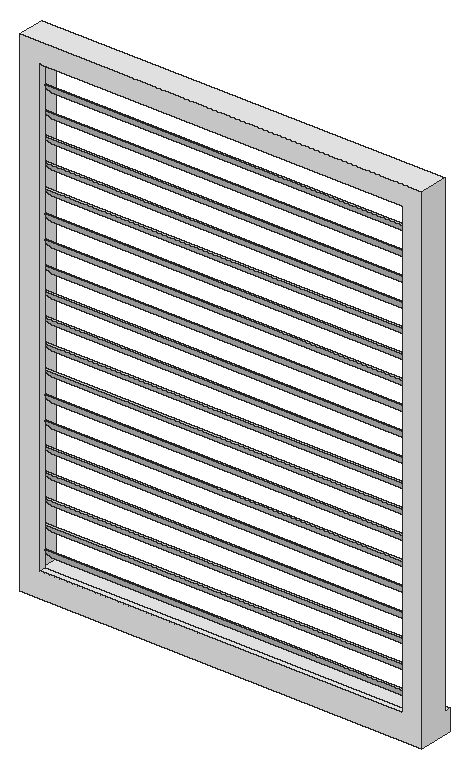
Revit family
Parameters (values of type "Louvre")
  Wrap Layers (Int) from Ext = 177.5 mm
  Wrap Layers (Ext) from Ext = 102.5 mm
  Vis - Cavity Closers = no
  Rough Width = Width  # 1210.0 mm
  Rough Height = Height  # 1500.0 mm
  Operation = "SinglePanel"
  No of Louvre Blades = 20
  Material Louvres = Window Louvres
  Material Frame = Window Frame
  Manufacturer = "Revit"
  Louvre Blade Width = 50.0 mm
  Keynote = "L10"
  Height = 1500.0 mm
  Wall Closure = (empty or 0)
  Width = 1210.0 mm
  FrameOffset - External = 0.0 mm
  Frame Width = 40.0 mm
  Frame Depth = 65.0 mm
  Default Head Height = 2110.0 mm
  DONT CHANGE Louvre Length = Width - (2 * Frame Width)  # 1130.0 mm
  Cill Depth = 20.0 mm
  Cavity Closer Width = 50.0 mm
  Cavity Closer Offset from Ext = 102.5 mm
  Cavity Closer Depth = 85.0 mm
  Assembly Code = ""
Reference planes
  plane 1: y = 0
  plane 2 "Center (Left/Right)": x = -290
  plane 3 "Left": x = -895
  plane 4 "Right": x = 315
  plane 5 "Cill": z = 610
  plane 6 "Head": z = 2110
  plane 7 "Exterior": y = 158.457
  plane 8 "Interior": y = -141.543
  plane 9 "Back of Window": y = 93.457
  plane 10 "Wall Closure": y = 55.957
  plane 11 "Front Cill": y = 178.457
  plane 12 "Ext Leaf Back": y = 55.957
  plane 13 "Face Window": y = 158.457
  plane 14: y = -19.043
Forms (mm)
  Extrusion 1, solid, material "Window Frame" <- "Material Frame"
    sketch origin (-290, 0, 0) x (0, 1, 0) y (0, 0, 1)
      loop
        line (75.457, 610) -> (178.457, 610) -> (178.457, 673) -> (93.457, 673) -> (93.457, 685) -> (75.457, 685) -> (75.457, 610)
    from 605 to -605
  Sweep 2, solid, material "Window Frame" <- "Material Frame"
    path origin (0, 93.457, 0) x (1, 0, 0) y (0, 0, 1)
      loop
        line (-895, 673) -> (-895, 2110) -> (315, 2110) -> (315, 673)
    profile origin (0, 0, 1391.5) x (-1, 0, 0) y (0, -1, 0)
      loop
        line (895, -75.457) -> (835, -75.457) -> (835, -93.457) -> (855, -93.457) -> (855, -158.457) -> (895, -158.457) -> (895, -75.457)
Cuts and joins
  joined: Extrusion 1, Sweep 2
Lines and regions (mm)
  Opening 1
    outline origin (-5000, -141.543, 0) x (1, 0, 0) y (0, 0, 1)
      loop
        line (5315, 2110) -> (4105, 2110) -> (4105, 610) -> (5315, 610) -> (5315, 2110)
  symbolic lines, style "Windows"
    curve 1: line (-895, 75.457, 0) -> (315, 75.457, 0)
    curve 2: line (-895, 158.457, 0) -> (-895, 75.457, 0)
    curve 3: line (315, 158.457, 0) -> (-895, 158.457, 0)
    curve 4: line (315, 75.457, 0) -> (315, 158.457, 0)
    curve 5: line (-855, 75.457, 0) -> (-855, 158.457, 0)
    curve 6: line (275, 75.457, 0) -> (275, 158.457, 0)
  symbolic lines, style "Cavity Closer", visible <- "Vis - Cavity Closers", detail levels medium+fine
    curve 7: line (-895, 55.957, 0) -> (-945, 55.957, 0)
    curve 8: line (-895, -29.043, 0) -> (-895, 55.957, 0)
    curve 9: line (-945, -29.043, 0) -> (-895, -29.043, 0)
    curve 10: line (-945, 55.957, 0) -> (-945, -29.043, 0)
    curve 11: line (-895, -29.043, 0) -> (-945, 55.957, 0)
    curve 12: line (-945, -29.043, 0) -> (-895, 55.957, 0)
    curve 13: line (315, 55.957, 0) -> (365, 55.957, 0)
    curve 14: line (315, -29.043, 0) -> (315, 55.957, 0)
    curve 15: line (365, -29.043, 0) -> (315, -29.043, 0)
    curve 16: line (365, 55.957, 0) -> (365, -29.043, 0)
    curve 17: line (315, -29.043, 0) -> (365, 55.957, 0)
    curve 18: line (365, -29.043, 0) -> (315, 55.957, 0)
  symbolic lines, style "WindowsSillHeadProjection"
    curve 19: line (-895, 178.457, 0) -> (-895, 159.707, 0)
    curve 20: line (315, 159.707, 0) -> (315, 178.457, 0)
  symbolic lines
    curve 21: line (-855, 130.79, 0) -> (275, 130.79, 0)
    curve 22: line (275, 103.123, 0) -> (-855, 103.123, 0)
Text (mm)
  text "EXTERIOR" at (-1415.209, 454.062, 0), in view "Ref. Level"
  text "INTERIOR" at (-1415.209, -367.981, 0), in view "Ref. Level"
  text "Exterior" at (0, 923.751, 2943.296), in view "Right"
  text "Exterior" at (0, 1040.484, 2685.409), in view "Left"
Dimensions and locks
  equal spacing: plane 3 "Left", plane 2 "Center (Left/Right)", plane 4 "Right"
  "Width": plane 3 "Left" to plane 4 "Right"
  "Height": plane 5 "Cill" to plane 6 "Head"
  "Default Head Height": plane 6 "Head" to level
  locked: plane 7 "Exterior" to host wall at 0
  locked: plane 8 "Interior" to host wall
  "Cavity Closer Offset from Ext": plane 12 "Ext Leaf Back" to plane 7 "Exterior"
  "Frame Depth": plane 9 "Back of Window" to plane 13 "Face Window"
  "FrameOffset - External": plane 13 "Face Window" to plane 7 "Exterior"
  locked: Extrusion 1 sketch curve to Extrusion 1 sketch curve at 18
  "Cavity Closer Depth": curve 7 to curve 9
  "Cavity Closer Width": curve 10 to plane 3 "Left"
  "Cavity Closer Depth": curve 13 to curve 15
  "Cavity Closer Width": plane 4 "Right" to curve 16
  "Cill Depth": plane 13 "Face Window" to plane 11 "Front Cill"
  "Wrap Layers (Ext) from Ext": plane 10 "Wall Closure" to plane 7 "Exterior"
  curve 1 to plane 13 "Face Window" = 83.0 mm
  "Frame Width": plane 3 "Left" to Sweep 2 sketch curve
  Sweep 2 sketch curve to Sweep 2 sketch curve = 20.0 mm
  locked: nested 3 to cut or joined group of Extrusion 1, Sweep 2 at 10
  equal spacing: group 1, group 3, group 4, group 5, group 6, group 7, group 8, group 9, group 10, group 11, group 12, group 13, group 14, group 15, group 16, group 17, group 18, group 19, group 20, group 2  (x3)
  locked: nested 4 to cut or joined group of Extrusion 1, Sweep 2 at 10
  equal spacing: curve 3, curve 21, curve 22, curve 1
  "Wrap Layers (Int) from Ext": plane 14 to plane 7 "Exterior"
  aligned and locked: plane 9 "Back of Window" to Extrusion 1 sketch curve
  aligned and locked: plane 11 "Front Cill" to Extrusion 1 sketch curve
  aligned and locked: Extrusion 1 sketch curve to plane 5 "Cill"
  aligned and locked: plane 3 "Left" to Extrusion 1
  aligned and locked: Extrusion 1 to plane 4 "Right"
  aligned and locked: plane 13 "Face Window" to Sweep 2 sketch curve
  aligned and locked: plane 3 "Left" to nested 1
  aligned and locked: curve 8 to plane 3 "Left"
  aligned and locked: plane 4 "Right" to nested 2
  aligned and locked: curve 14 to plane 4 "Right"
  aligned and locked: curve 19 to cut or joined group of Extrusion 1, Sweep 2
  aligned and locked: cut or joined group of Extrusion 1, Sweep 2 to curve 20
  aligned and locked: nested 3 to cut or joined group of Extrusion 1, Sweep 2
  aligned and locked: plane 9 "Back of Window" to nested 3
  aligned and locked: plane 9 "Back of Window" to nested 4
  aligned and locked: cut or joined group of Extrusion 1, Sweep 2 to nested 4
  aligned and locked: curve 5 to cut or joined group of Extrusion 1, Sweep 2
  aligned and locked: curve 6 to cut or joined group of Extrusion 1, Sweep 2
  aligned and locked: nested 2 to plane 12 "Ext Leaf Back"
  aligned and locked: plane 12 "Ext Leaf Back" to curve 13
  aligned and locked: nested 1 to plane 12 "Ext Leaf Back"
  aligned and locked: plane 12 "Ext Leaf Back" to curve 7
Automatic sketch dimensions
  Extrusion 1 sketch curve to Extrusion 1 sketch curve = 12.0 mm
  Sweep 2 sketch curve to plane 3 "Left" = 0.0 mm
  Sweep 2 sketch curve to plane 4 "Right" = 0.0 mm
  Sweep 2 sketch curve to plane 6 "Head" = 0.0 mm
  Sweep 2 sketch curve to plane 5 "Cill" = 63.0 mm  (x2)
  Sweep 2 sketch curve to profile plane = 0.0 mm
  plane 9 "Back of Window" to Sweep 2 sketch curve = 18.0 mm
  Sweep 2 sketch curve to plane 9 "Back of Window" = 0.0 mm
  curve 3 to plane 3 "Left" = 0.0 mm
  curve 4 to plane 4 "Right" = 0.0 mm
  curve 3 to plane 13 "Face Window" = 0.0 mm
  host wall to curve 19 = 1.25 mm
  host wall to curve 20 = 1.25 mm
  Extrusion 1 sketch curve to plane 5 "Cill" = 63.0 mm
  curve 20 to plane 11 "Front Cill" = 0.0 mm
  curve 19 to plane 11 "Front Cill" = 0.0 mm
  curve 22 to plane 3 "Left" = 40.0 mm
  curve 21 to curve 22 = 0.0 mm  (x2)
  plane 4 "Right" to curve 22 = 40.0 mm
  Opening 1 sketch curve to plane 3 "Left" = 0.0 mm
  Opening 1 sketch curve to plane 4 "Right" = 0.0 mm
  Opening 1 sketch curve to plane 5 "Cill" = 0.0 mm
  Opening 1 sketch curve to plane 6 "Head" = 0.0 mm
Nested families
  nested 1: "Cavity Closer" at (-945, 55.957, 0), visible <- "Vis - Cavity Closers", type "Cavity Closer", detail levels medium+fine
    with Closer Depth 85.0 mm
  nested 2: "Cavity Closer" at (365, 55.957, 0) x (-1, 0, 0) z (0, 0, 1), visible <- "Vis - Cavity Closers", type "Cavity Closer", detail levels medium+fine
    with Closer Depth 85.0 mm
  nested 3: "Plain Louvre Blade" at (-317.169, 118.92, 712.243), type "Louvre Blade"
    with Length 1130.0 mm, Blade Width 50.0 mm
  nested 4: "Plain Louvre Blade" at (-317.169, 118.92, 2035), type "Louvre Blade"
    with Length 1130.0 mm, Blade Width 50.0 mm
  nested 5: "Plain Louvre Blade" at (-317.169, 118.92, 781.861), type "Louvre Blade"
    with Length 1130.0 mm, Blade Width 50.0 mm
  nested 6: "Plain Louvre Blade" at (-317.169, 118.92, 851.48), type "Louvre Blade"
    with Length 1130.0 mm, Blade Width 50.0 mm
  nested 7: "Plain Louvre Blade" at (-317.169, 118.92, 921.099), type "Louvre Blade"
    with Length 1130.0 mm, Blade Width 50.0 mm
  nested 8: "Plain Louvre Blade" at (-317.169, 118.92, 990.718), type "Louvre Blade"
    with Length 1130.0 mm, Blade Width 50.0 mm
  nested 9: "Plain Louvre Blade" at (-317.169, 118.92, 1060.337), type "Louvre Blade"
    with Length 1130.0 mm, Blade Width 50.0 mm
  nested 10: "Plain Louvre Blade" at (-317.169, 118.92, 1129.955), type "Louvre Blade"
    with Length 1130.0 mm, Blade Width 50.0 mm
  nested 11: "Plain Louvre Blade" at (-317.169, 118.92, 1199.574), type "Louvre Blade"
    with Length 1130.0 mm, Blade Width 50.0 mm
  nested 12: "Plain Louvre Blade" at (-317.169, 118.92, 1269.193), type "Louvre Blade"
    with Length 1130.0 mm, Blade Width 50.0 mm
  nested 13: "Plain Louvre Blade" at (-317.169, 118.92, 1338.812), type "Louvre Blade"
    with Length 1130.0 mm, Blade Width 50.0 mm
  nested 14: "Plain Louvre Blade" at (-317.169, 118.92, 1408.431), type "Louvre Blade"
    with Length 1130.0 mm, Blade Width 50.0 mm
  nested 15: "Plain Louvre Blade" at (-317.169, 118.92, 1478.05), type "Louvre Blade"
    with Length 1130.0 mm, Blade Width 50.0 mm
  nested 16: "Plain Louvre Blade" at (-317.169, 118.92, 1547.668), type "Louvre Blade"
    with Length 1130.0 mm, Blade Width 50.0 mm
  nested 17: "Plain Louvre Blade" at (-317.169, 118.92, 1617.287), type "Louvre Blade"
    with Length 1130.0 mm, Blade Width 50.0 mm
  nested 18: "Plain Louvre Blade" at (-317.169, 118.92, 1686.906), type "Louvre Blade"
    with Length 1130.0 mm, Blade Width 50.0 mm
  nested 19: "Plain Louvre Blade" at (-317.169, 118.92, 1756.525), type "Louvre Blade"
    with Length 1130.0 mm, Blade Width 50.0 mm
  nested 20: "Plain Louvre Blade" at (-317.169, 118.92, 1826.144), type "Louvre Blade"
    with Length 1130.0 mm, Blade Width 50.0 mm
  nested 21: "Plain Louvre Blade" at (-317.169, 118.92, 1895.762), type "Louvre Blade"
    with Length 1130.0 mm, Blade Width 50.0 mm
  nested 22: "Plain Louvre Blade" at (-317.169, 118.92, 1965.381), type "Louvre Blade"
    with Length 1130.0 mm, Blade Width 50.0 mm
Definition of nested family "Plain Louvre Blade"
  Parameters (values of type "Louvre Blade")
    Material Blade = none
    Length = 1200.0 mm
    Blade Width = 100.0 mm
    Assembly Code = ""
  Reference planes
    plane 1 "Center (Front/Back)": y = -0.463
    plane 2: z = 0
    plane 3 "Center (Left/Right)": x = 27.169
    plane 4: x = -572.831
    plane 5: x = 627.169
    plane 6: y = -50.463
    plane 7: y = 49.537
    plane 8: z = 50
    plane 9: z = -50
  Forms (mm)
    Extrusion 1, solid, material <- "Material Blade"
      sketch origin (27.169, 0, 0) x (0, 1, 0) y (0, 0, 1)
        loop
          line (-50.463, 50) -> (-50.463, 45.757) -> (49.537, -54.243) -> (49.537, -50) -> (-50.463, 50)
      from -600 to 600
  Dimensions and locks
    equal spacing: plane 4, plane 3 "Center (Left/Right)", plane 5
    "Length": plane 4 to plane 5
    equal spacing: plane 6, plane 1 "Center (Front/Back)", plane 7
    "Blade Width": plane 6 to plane 7
    "Blade Width": plane 9 to plane 8
    equal spacing: plane 9, plane 2, plane 8
    aligned and locked: Extrusion 1 to plane 5
    aligned and locked: plane 4 to Extrusion 1
    aligned and locked: plane 6 to Extrusion 1 sketch curve
  Automatic sketch dimensions
    Extrusion 1 sketch curve to plane 7 = 0.0 mm
    Extrusion 1 sketch curve to plane 9 = 0.0 mm
    Extrusion 1 sketch curve to plane 8 = 0.0 mm
    plane 8 to Extrusion 1 sketch curve = 4.243 mm
    plane 9 to Extrusion 1 sketch curve = 4.243 mm
Definition of nested family "Cavity Closer"
  Parameters
    Closer Width = 50.0 mm
    Closer Depth = 75.0 mm
  Reference planes
    plane 1 "Center (Front/Back)": y = 0
    plane 2: z = 0
    plane 3 "Center (Left/Right)": x = 0
    plane 4: x = 50, in view "Ref. Level"
    plane 5: y = -75, in view "Ref. Level"
  Lines and regions (mm)
    Masking region 1, in view "Ref. Level"
      outline origin (0, 0, 0) x (1, 0, 0) y (0, 1, 0)
        loop
          line (0, 0) -> (0, -75) -> (50, -75) -> (50, 0) -> (0, 0)
  Dimensions and locks
    "Closer Width": plane 3 "Center (Left/Right)" to plane 4
    "Closer Depth": plane 5 to plane 1 "Center (Front/Back)"
  Automatic sketch dimensions
    Masking region 1 sketch curve to plane 3 "Center (Left/Right)" = 0.0 mm
    Masking region 1 sketch curve to plane 4 = 0.0 mm
    Masking region 1 sketch curve to plane 5 = 0.0 mm
    Masking region 1 sketch curve to plane 1 "Center (Front/Back)" = 0.0 mm
